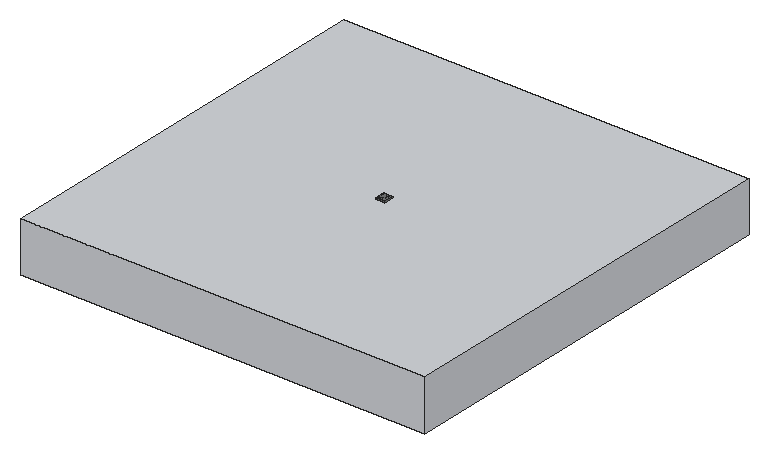
Revit family "Gira_029527", category Elektroinstallationen, Revit 2017
Family settings
  Basisbauteil = Fläche
  Beschriftungsausrichtung beibehalten = Nein
  Bemaßung runder Anschluss = Durchmesser verwenden
  Teiletyp = Normal
  Beim Laden mit Abzugskörper schneiden = Nein
  Gemeinsam genutzt = Nein
  Raumberechnungspunkt = Nein
Parameters
  Zusammenstellung = "Zentralplatte"
  Werkstoffgüte = "Thermoplast"
  Werkstoff = "Kunststoff"
  Verwendung = "Schalter/Taster"
  URL = "https://www.gira.de/"
  Typname = "DALI-Gateway Tunable WH Plus KNX REG"
  Typ Kontakt = "Öffner"
  Transparent = no
  Tragring = no
  Thermische Rückkopplung = "ohne"
  Temperatur ablesbar = no
  Sensor extern = no
  Schutzart (IP) = "IP20"
  Regelcharakteristik = "sonstige"
  RAL-Nummer (ähnlich) = 9010
  RAL-Nummer = 9010
  Produktseite = "http://katalog.gira.de/de_DE/datenblatt.html?artikelnr=029527"
  Oberfläche = "sonstige"
  Montageart = "Unterputz"
  Mit austauschbarer Linse/Symbol = no
  Mit Zugentlastung = no
  Mit Trinkwasserschaltung = no
  Mit Staubschutz = no
  Mit Klappdeckel = no
  Mit Geräuschniveauanzeige = no
  Mit Empfänger = no
  Mit Display = no
  Mit Beschriftungsfeld = no
  Mit Aufdruck = no
  Messbereich unterer Wert [m/s] = 5
  Messbereich oberer Wert [m/s] = 30
  Lüsterklemme = no
  Kühlen = no
  Kontrollfenster/Lichtauslass = no
  Hersteller = "Gira"
  Heizen = yes
  Halogenfrei = yes
  HAN = "029527"
  Geeignet für Schutzart (IP) = "IP20"
  Geeignet für Bussystem-Tasterankopplung = yes
  GTIN = "4010337295273"
  Farbe = "weiß"
  Explosionsgeschützt = no
  Differenz verstellbar = no
  Datenblatt = "https://katalog.gira.de/de_DE/download.html?artikelnr=029527"
  Bussystem Powernet = no
  Bussystem LON = no
  Bussystem KNX-Funk = no
  Bussystem KNX = yes
  Bussystem Funkbus = no
  Beschriftungsfeld = "ohne Beschriftungsfeld"
  Beschreibung = "Wippe 2fach  Reinweiß seidenmatt"
  Befestigungsart = "Klemmbefestigung"
  Bedienung = "Dreh"
  Bauelement = "Sys55_Abdeckung_Schalten und Tasten"
  Default Elevation = 1219.2 mm
  BIM = "https://media.stage.bim.site/public/gira/876eb45/Sys55_Abdeckung_Schalten%20und%20Tasten.rfa?public/gira/876eb45/Sys55_Abdeckung_Schalten und Tasten.rfa"
  Ausführung der Oberfläche = "matt"
  Ausführung Aufnehmer/Fühler = "sonstige"
  Ausführung = "zweiteilige Wippe"
  Aufdruck/Kennzeichnung = "ohne Aufdruck"
  Art der Spannungsversorgung = "230 V AC"
  Anthrazit [instance] = Anthrazit
  Anschluss = "Zweidraht"
  Andere Bussysteme = "ohne"
  Abtastbares Symbol/barrierefrei = no
Reference planes
  plane 1 "Center (Front/Back)": y = 0
  plane 2: z = 0
  plane 3 "Center (Left/Right)": x = 0
Forms (mm)
  Extrusion 1, solid
    sketch origin (0, 0, 0) x (1, 0, 0) y (0, 1, 0)
      loop
        line (-1219.2, 1219.2) -> (-1219.2, -1219.2) -> (1219.2, -1219.2) -> (1219.2, 1219.2) -> (-1219.2, 1219.2)
    from 0 to -304.8
  Extrusion 2, solid, material "Anthrazit" <- "Anthrazit", detail levels fine
    sketch origin (0, 0, 0) x (1, 0, 0) y (0, 1, 0)
      loop
        line (-27.5, 27.5) -> (-27.5, -27.5) -> (27.5, -27.5) -> (27.5, 27.5) -> (-27.5, 27.5)
    from 0 to 8
  Extrusion 3, void
    sketch origin (0, 0, 0) x (1, 0, 0) y (0, 1, 0)
      loop
        line (26, 26) -> (-26, 26) -> (-26, -26) -> (26, -26) -> (26, 26)
    from 0 to 6
  Extrusion 4, solid, material "Anthrazit" <- "Anthrazit", detail levels medium
    sketch origin (0, 0, 0) x (1, 0, 0) y (0, 1, 0)
      loop
        line (-27.5, 27.5) -> (-27.5, -27.5) -> (27.5, -27.5) -> (27.5, 27.5) -> (-27.5, 27.5)
    from 0 to 8
  Extrusion 5, solid, material "Anthrazit" <- "Anthrazit", detail levels medium
    sketch origin (0, 0, 0) x (1, 0, 0) y (0, 1, 0)
      loop
        line (11, -17.5) -> (11, 17.5) -> (-11, 17.5) -> (-11, -17.5) -> (11, -17.5)
    from -6 to 6
  Extrusion 6, solid, material "Anthrazit" <- "Anthrazit", detail levels fine
    sketch origin (0, 0, 0) x (1, 0, 0) y (0, 1, 0)
      loop
        line (11, 17.5) -> (-11, 17.5) -> (-11, 16.5) -> (11, 16.5) -> (11, 17.5)
      loop
        line (-11, -16.5) -> (-11, -17.5) -> (11, -17.5) -> (11, -16.5) -> (-11, -16.5)
    from -4 to 6
  Extrusion 7, solid, material "Anthrazit" <- "Anthrazit", detail levels fine
    sketch origin (0, 0, 0) x (1, 0, 0) y (0, 1, 0)
      loop
        arc (5, 9.347) -> (0, 10.6) -> (-5, 9.347) r 10.6
        line (-5, 9.347) -> (-5, -9.347)
        arc (-5, -9.347) -> (0, -10.6) -> (5, -9.347) r 10.6
        line (5, -9.347) -> (5, 9.347)
    from -6 to 6
  Extrusion 8, solid, material "Anthrazit" <- "Anthrazit", detail levels coarse
    sketch origin (0, 0, 0) x (1, 0, 0) y (0, 1, 0)
      loop
        line (-27.5, 27.5) -> (-27.5, -27.5) -> (27.5, -27.5) -> (27.5, 27.5) -> (-27.5, 27.5)
    from -6 to 8
Cuts and joins
  Extrusion 3 cuts Extrusion 2
Dimensions and locks
  aligned and locked: plane 2 to Extrusion 1
  aligned and locked: level to Extrusion 1
